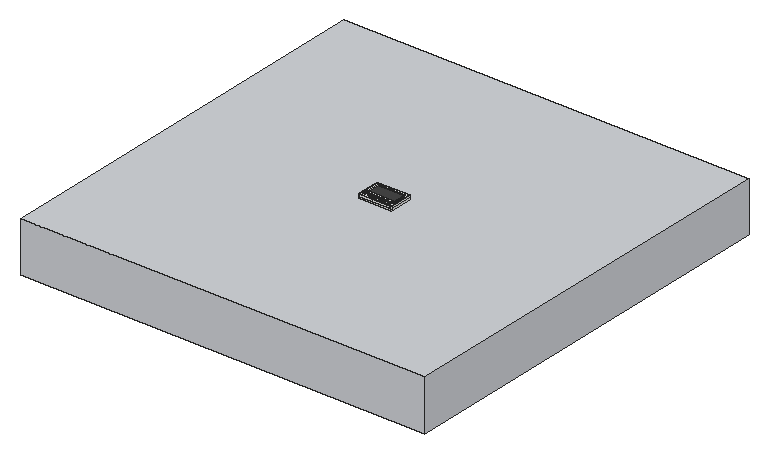
Revit family "BC_URMET_FC1719-1_LOD400", category Appareils de communication, Revit 2017
Family settings
  Hôte = Face
  Conserver l'orientation des annotations = Non
  Cote de connecteur circulaire = Utiliser le diamètre
  Type d'élément = Normal
  Numéro OmniClass = 23.85.50.14.21
  Titre OmniClass = Intercommunication Equipment
  Couper avec des vides une fois chargée = Non
  Partagée = Non
  Point de calcul de pièce = Non
Parameters (values of type "FC1719_1")
  Voyant coupure de sonnerie = yes
  Taille de l'écran  = "7\""
  Réglage du volume = yes
  Ouverture porte = yes
  Model = "FC1719_1"
  Longueur Hors Tout = 202 mm
  Largeur Hors Tout = 142 mm
  Fabricant = "URMET"
  Epaisseur Hors Tout = 23 mm
  Default Elevation = 1219.2 mm
  Description = "Ce moniteur vidéo couleur 7“” est conçu pour fonctionner avec le système d’interphonie bus 2 fils 2VOICE. Son utilisation est très agréable grâce à ces 4 touches affleurantes (muni d’un guide pour les malvoyants) et une touche mécanique centrale pour la prise de la communication. La fonction renvoi d’appel vers un smartphone est compatible avec l’ajout du module Callme 1083/58. De plus, il intègre 2 télécommandes domotiques YOKIS pour un contrôle d’éclairage, volet roulant ou autre (intégrable dans YNO pour une gestion de scénario complets). La fonction Mute peut également être utilisée en mode chronométré (désactivation automatiquement après 8 heures)."
  Type Comments = "FC1719_1"
  Code EAN = "8021156064120"
Reference planes
  plane 1 "Centre (avant/arrière)": y = 0
  plane 2: z = 0
  plane 3 "Centre (gauche/droite)": x = 0
  plane 4: y = 71
  plane 5: y = -71
  plane 6: x = -101
  plane 7: x = 101
  plane 8 "logo_bas": z = 22.1
  plane 9 "logo_haut": z = 23.1
Forms (mm)
  Extrusion 1, solid
    sketch origin (0, 0, 0) x (1, 0, 0) y (0, 1, 0)
      loop
        line (-1219.2, 1219.2) -> (-1219.2, -1219.2) -> (1219.2, -1219.2) -> (1219.2, 1219.2) -> (-1219.2, 1219.2)
    from 0 to -304.8
  Extrusion 2, solid, material "Facade"
    sketch origin (0, 0, 0) x (1, 0, 0) y (0, 1, 0)
      loop
        arc (-97, 67.5) -> (-97.354, 67.354) -> (-97.5, 67) r 0.5
        line (-97.5, 67) -> (-97.5, -37.5) -> (97.5, -37.5) -> (97.5, 67)
        arc (97.5, 67) -> (97.354, 67.354) -> (97, 67.5) r 0.5
        line (97, 67.5) -> (-97, 67.5)
      loop
        line (-80.571, -22.571) -> (80.571, -22.571) -> (80.571, 52.571) -> (-80.571, 52.571) -> (-80.571, -22.571)
    from 0 to 23
  Extrusion 3, solid, material "Plastique Blanc"
    sketch origin (0, 0, 0) x (1, 0, 0) y (0, 1, 0)
      loop
        arc (97, -67.5) -> (97.354, -67.354) -> (97.5, -67) r 0.5
        line (97.5, -67) -> (97.5, -38) -> (-97.5, -38) -> (-97.5, -67)
        arc (-97.5, -67) -> (-97.354, -67.354) -> (-97, -67.5) r 0.5
        line (-97, -67.5) -> (97, -67.5)
      loop
        arc (-81.904, -51.356) -> (-84.967, -54.42) -> (-81.904, -57.484) r 3.064
        line (-81.904, -57.484) -> (-57.481, -57.484)
        arc (-57.481, -57.484) -> (-54.417, -54.42) -> (-57.481, -51.356) r 3.064
        line (-57.481, -51.356) -> (-81.904, -51.356)
      loop
        arc (57.584, -51.356) -> (54.52, -54.42) -> (57.584, -57.484) r 3.064
        line (57.584, -57.484) -> (82.007, -57.484)
        arc (82.007, -57.484) -> (85.071, -54.42) -> (82.007, -51.356) r 3.064
        line (82.007, -51.356) -> (57.584, -51.356)
    from 0 to 23
  Sweep 4, solid, material "Plastique Blanc"
    path origin (0, 0, 0) x (1, 0, 0) y (0, 1, 0)
      loop
        arc (-97, 71) -> (-99.828, 69.828) -> (-101, 67) r 4
        line (-101, 67) -> (-101, -67)
        arc (-101, -67) -> (-99.828, -69.828) -> (-97, -71) r 4
        line (-97, -71) -> (97, -71)
        arc (97, -71) -> (99.828, -69.828) -> (101, -67) r 4
        line (101, -67) -> (101, 67)
        arc (101, 67) -> (99.828, 69.828) -> (97, 71) r 4
        line (97, 71) -> (-97, 71)
    profile origin (0, 71, 0) x (0, 1, 0) y (0, 0, 1)
      loop
        line (-3.5, 22) -> (-3.5, 0) -> (-0.559, 0) -> (0, 8) -> (0, 21.161) -> (-0.839, 22) -> (-3.5, 22)
  Extrusion 5, solid, material "Ecran"
    sketch origin (0, 0, 0) x (1, 0, 0) y (0, 1, 0)
      loop
        line (-80.571, 52.571) -> (-80.571, -22.571) -> (80.571, -22.571) -> (80.571, 52.571) -> (-80.571, 52.571)
    from 0 to 22
  Extrusion 6, solid, material "Plastique Noir"
    sketch origin (0, 0, 22.1) x (-1, 0, 0) y (0, -1, 0)
      loop
        line (7.99, -61.432) -> (7.99, -57.913)
        arc (7.99, -57.913) -> (6.766, -56.689) -> (5.541, -57.913) r 1.224
        line (5.541, -57.913) -> (5.541, -61.432) -> (6.516, -61.432) -> (6.516, -57.905)
        arc (6.516, -57.905) -> (6.766, -57.655) -> (7.016, -57.905) r 0.25
        line (7.016, -57.905) -> (7.016, -61.432) -> (7.99, -61.432)
      loop
        line (3.336, -59.417) -> (2.388, -59.417) -> (2.388, -60.729)
        arc (2.388, -60.729) -> (2.556, -61.185) -> (2.979, -61.423) r 0.702
        arc (2.979, -61.423) -> (3.449, -61.377) -> (3.836, -61.106) r 0.931
        line (3.836, -61.106) -> (3.836, -60.217)
        arc (3.836, -60.217) -> (3.586, -60.467) -> (3.336, -60.217) r 0.25
        line (3.336, -60.217) -> (3.336, -59.417)
      loop
        line (-0.947, -56.732) -> (-1.895, -56.732) -> (-1.895, -60.729)
        arc (-1.895, -60.729) -> (-1.727, -61.185) -> (-1.304, -61.423) r 0.702
        arc (-1.304, -61.423) -> (-0.882, -61.369) -> (-0.556, -61.096) r 0.755
        line (-0.556, -61.096) -> (0.934, -60.442) -> (0.934, -61.432) -> (1.915, -61.432) -> (1.915, -56.732) -> (0.967, -56.732) -> (0.967, -60.217)
        arc (0.967, -60.217) -> (0.717, -60.467) -> (0.467, -60.217) r 0.25
        line (0.467, -60.217) -> (0.467, -56.732) -> (-0.447, -56.732) -> (-0.447, -60.217)
        arc (-0.447, -60.217) -> (-0.697, -60.467) -> (-0.947, -60.217) r 0.25
        line (-0.947, -60.217) -> (-0.947, -56.732)
      loop
        line (-5.541, -63.382) -> (-5.541, -62.582) -> (7.99, -62.582) -> (7.99, -61.782) -> (-5.541, -61.782) -> (-5.541, -57.913)
        arc (-5.541, -57.913) -> (-6.766, -56.689) -> (-7.99, -57.913) r 1.224
        line (-7.99, -57.913) -> (-7.99, -58.705) -> (-7.016, -58.705) -> (-7.016, -57.905)
        arc (-7.016, -57.905) -> (-6.766, -57.655) -> (-6.516, -57.905) r 0.25
        line (-6.516, -57.905) -> (-6.516, -61.782) -> (-7.99, -61.782) -> (-7.99, -62.582) -> (-6.516, -62.582) -> (-6.516, -63.382) -> (-5.541, -63.382)
      loop
        arc (-3.923, -57.905) -> (-3.673, -57.655) -> (-3.423, -57.905) r 0.25
        line (-3.423, -57.905) -> (-3.423, -58.898) -> (-4.399, -58.898)
        arc (-4.399, -58.898) -> (-4.752, -59.044) -> (-4.899, -59.398) r 0.5
        line (-4.899, -59.398) -> (-4.899, -60.207)
        arc (-4.899, -60.207) -> (-3.674, -61.432) -> (-2.449, -60.207) r 1.225
        line (-2.449, -60.207) -> (-2.449, -57.913)
        arc (-2.449, -57.913) -> (-3.673, -56.689) -> (-4.897, -57.913) r 1.224
        line (-4.897, -57.913) -> (-4.897, -58.705) -> (-3.923, -58.705) -> (-3.923, -57.905)
      loop
        arc (-3.423, -59.638) -> (-3.673, -59.388) -> (-3.923, -59.638) r 0.25
        line (-3.923, -59.638) -> (-3.923, -60.447)
        arc (-3.923, -60.447) -> (-3.673, -60.697) -> (-3.423, -60.447) r 0.25
        line (-3.423, -60.447) -> (-3.423, -59.638)
    from 0 to 1
  Extrusion 7, solid, material "Plastique Noir"
    sketch origin (-118.126, -167.37, 22.1) x (-1, 0, 0) y (0, -1, 0)
      loop
        arc (-118.682, -228.466) -> (-117.925, -228.801) -> (-117.193, -228.414) r 0.949
        line (-117.193, -228.414) -> (-116.615, -227.558) -> (-118.682, -228.466)
      loop
        line (-114.29, -228.802) -> (-113.295, -228.802) -> (-113.295, -224.059) -> (-114.29, -224.059) -> (-114.29, -228.802)
    from 0 to 1
  Extrusion 8, solid, material "Facade"
    sketch origin (0, 0, 22.1) x (-1, 0, 0) y (0, -1, 0)
      loop
        line (-89.022, -33.597) -> (-85.436, -36.002) -> (-85.436, -32.372) -> (-92.636, -32.372) -> (-92.636, -35.99) -> (-89.022, -33.597)
      loop
        line (-93.057, -36.61) -> (-85.013, -36.61) -> (-85.013, -31.95) -> (-93.057, -31.95) -> (-93.057, -36.61)
      loop
        line (-85.919, -36.187) -> (-89.018, -34.101) -> (-92.168, -36.187) -> (-85.919, -36.187)
      loop
        line (-89.265, -23.899) -> (-85.491, -20.125) -> (-85.491, -17.017) -> (-93.038, -17.017) -> (-93.038, -20.125) -> (-89.265, -23.899)
      loop
        line (-85.891, -17.417) -> (-92.638, -17.417) -> (-92.638, -19.96) -> (-89.265, -23.333) -> (-85.891, -19.96) -> (-85.891, -17.417)
    from 0 to 1
  Extrusion 9, solid, material "Facade"
    sketch origin (0, 0, 22.1) x (-1, 0, 0) y (0, -1, 0)
      loop
        circle (-87.185, 4.399) r 1
      loop
        circle (-89.035, 6.289) r 5.7
      loop
        circle (-87.185, 8.171) r 1
      loop
        circle (-90.885, 4.399) r 1
      loop
        circle (-89.035, 23.051) r 5.7
      loop
        circle (-89.035, 24.942) r 1
      loop
        circle (-89.035, 21.169) r 1
    from 0 to 1
  Sweep 10, solid, material "Plastique Blanc"
    path origin (0, -0.561, 22.1) x (-1, 0, 0) y (0, -1, 0)
      loop
        arc (81.904, 50.796) -> (84.967, 53.859) -> (81.904, 56.923) r 3.064
        line (81.904, 56.923) -> (57.481, 56.923)
        arc (57.481, 56.923) -> (54.417, 53.859) -> (57.481, 50.796) r 3.064
        line (57.481, 50.796) -> (81.904, 50.796)
    profile origin (-69.692, -51.356, 22.1) x (0, 1, 0) y (0, 0, 1)
      loop
        line (0, 0.9) -> (-0.81, 0.9) -> (-1.489, 0) -> (-2.335, 0) -> (-2.335, -0.939) -> (0, -0.939) -> (0, 0.9)
  Extrusion 11, solid, material "Plastique Blanc"
    sketch origin (0, 0, 0) x (1, 0, 0) y (0, 1, 0)
      loop
        arc (-81.904, -53.692) -> (-82.632, -54.42) -> (-81.904, -55.148) r 0.728
        line (-81.904, -55.148) -> (-57.481, -55.148)
        arc (-57.481, -55.148) -> (-56.753, -54.42) -> (-57.481, -53.692) r 0.728
        line (-57.481, -53.692) -> (-81.904, -53.692)
    from 21.161 to 22.1
  Sweep 12, solid, material "Plastique Blanc"
    path origin (139.488, -0.561, 22.1) x (-1, 0, 0) y (0, -1, 0)
      loop
        arc (81.904, 50.796) -> (84.967, 53.859) -> (81.904, 56.923) r 3.064
        line (81.904, 56.923) -> (57.481, 56.923)
        arc (57.481, 56.923) -> (54.417, 53.859) -> (57.481, 50.796) r 3.064
        line (57.481, 50.796) -> (81.904, 50.796)
    profile origin (69.795, -51.356, 22.1) x (0, 1, 0) y (0, 0, 1)
      loop
        line (0, 0.9) -> (-0.81, 0.9) -> (-1.489, 0) -> (-2.335, 0) -> (-2.335, -0.939) -> (0, -0.939) -> (0, 0.9)
  Extrusion 13, solid, material "Plastique Blanc"
    sketch origin (139.488, 0, 0) x (1, 0, 0) y (0, 1, 0)
      loop
        arc (-81.904, -53.692) -> (-82.632, -54.42) -> (-81.904, -55.148) r 0.728
        line (-81.904, -55.148) -> (-57.481, -55.148)
        arc (-57.481, -55.148) -> (-56.753, -54.42) -> (-57.481, -53.692) r 0.728
        line (-57.481, -53.692) -> (-81.904, -53.692)
    from 21.161 to 22.1
  Extrusion 14, solid, material "Plastique Blanc"
    sketch origin (0, 0, 22.1) x (-1, 0, 0) y (0, -1, 0)
      loop
        circle (39.673, 54.683) r 5.7
      loop
        circle (39.701, 54.722) r 1
      loop
        circle (19.673, 54.683) r 5.7
      loop
        circle (-0.015, 54.683) r 5.7
      loop
        circle (-20.327, 54.683) r 5.7
      loop
        circle (-40.327, 54.683) r 5.7
    from 0 to 1
  Extrusion 15, solid, material "Plastique Noir"
    sketch origin (0, 0, 22.1) x (-1, 0, 0) y (0, -1, 0)
      loop
        line (90.191, 30.301) -> (92.494, 32.604) -> (92.494, 33.975) -> (91.235, 33.975) -> (88.876, 31.615) -> (90.191, 30.301)
      loop
        arc (84.239, 24.349) -> (83.537, 25.104) -> (83.384, 26.123) r 1.744
        line (83.384, 26.123) -> (81.6, 24.339) -> (81.6, 23.185) -> (83.075, 23.185) -> (84.239, 24.349)
    from 0 to 1
Cuts and joins
  joined: Extrusion 3, Sweep 10, Extrusion 11, Sweep 12, Extrusion 13
Lines and regions (mm)
  model lines
    curve 1: line (-20.967, -56.183, 23.1) -> (-21.996, -56.183, 23.1)
    curve 2: line (-21.996, -56.183, 23.1) -> (-21.996, -55.265, 23.1)
    curve 3: line (-20.967, -54.831, 23.1) -> (-20.967, -53.133, 23.1)
    curve 4: arc (-21.996, -55.265, 23.1) -> (-21.52, -54.956, 23.1) -> (-20.967, -54.831, 23.1) r 1.612
    curve 5: arc (-20.967, -53.133, 23.1) -> (-20.24, -52.133, 23.1) -> (-19.065, -52.515, 23.1) r 1.051
    curve 6: line (-18.056, -51.782, 23.1) -> (-20.78, -57.624, 23.1)
    curve 7: line (-18.31, -53.554, 23.1) -> (-18.31, -54.589, 23.1)
    curve 8: line (-17.182, -56.064, 23.1) -> (-17.182, -55.233, 23.1)
    curve 9: line (-17.182, -56.064, 23.1) -> (-18.881, -56.064, 23.1)
    curve 10: line (-18.881, -56.064, 23.1) -> (-18.122, -57.148, 23.1)
    curve 11: arc (-17.182, -55.233, 23.1) -> (-17.657, -54.755, 23.1) -> (-18.31, -54.589, 23.1) r 1.262
    curve 12: line (2.471, -51.872, 23.1) -> (1.529, -51.872, 23.1)
    curve 13: line (1.008, -51.178, 23.1) -> (-0.1, -53.667, 23.1)
    curve 14: line (-0.1, -53.667, 23.1) -> (0.909, -53.667, 23.1)
    curve 15: line (0.909, -53.667, 23.1) -> (0.909, -54.76, 23.1)
    curve 16: line (0.909, -56.223, 23.1) -> (0.909, -57.215, 23.1)
    curve 17: line (0.909, -57.215, 23.1) -> (2.322, -57.215, 23.1)
    curve 18: arc (0.909, -56.223, 23.1) -> (1.641, -55.492, 23.1) -> (0.909, -54.76, 23.1) r 0.731
    curve 19: arc (-0.096, -54.753, 23.1) -> (-0.845, -55.502, 23.1) -> (-0.096, -56.251, 23.1) r 0.749
    curve 20: arc (-0.98, -53.847, 23.1) -> (-1.875, -55.475, 23.1) -> (-0.98, -57.103, 23.1) r 1.927
    curve 21: arc (-1.627, -53.06, 23.1) -> (-2.987, -55.403, 23.1) -> (-1.794, -57.835, 23.1) r 2.872
    curve 22: line (19.636, -53.422, 23.1) -> (19.636, -56.094, 23.1)
    curve 23: line (20.226, -52.979, 23.1) -> (20.226, -56.307, 23.1)
    curve 24: line (20.832, -52.635, 23.1) -> (20.832, -56.651, 23.1)
    curve 25: line (19.636, -54.758, 23.1) -> (20.832, -54.758, 23.1)
    curve 26: line (23.169, -53.422, 23.1) -> (23.169, -56.094, 23.1)
    curve 27: line (22.579, -52.979, 23.1) -> (22.579, -56.307, 23.1)
    curve 28: line (21.972, -52.635, 23.1) -> (21.972, -56.651, 23.1)
    curve 29: line (23.169, -54.758, 23.1) -> (21.972, -54.758, 23.1)
    curve 30: arc (17.701, -53.635, 23.1) -> (18.399, -52.632, 23.1) -> (18.298, -53.849, 23.1) r 0.633
    curve 31: line (18.298, -53.849, 23.1) -> (18.298, -56.307, 23.1)
    curve 32: line (18.298, -56.006, 23.1) -> (17.48, -56.006, 23.1)
    curve 33: line (18.298, -55.378, 23.1) -> (17.48, -55.378, 23.1)
    curve 34: arc (38.689, -55.427, 23.1) -> (37.244, -53.91, 23.1) -> (39.164, -54.749, 23.1) r 1.069
    curve 35: line (39.164, -54.749, 23.1) -> (43.067, -54.749, 23.1)
    curve 36: line (41.591, -54.749, 23.1) -> (41.591, -55.595, 23.1)
    curve 37: line (42.493, -54.749, 23.1) -> (42.493, -55.595, 23.1)
    curve 38: arc (-90.214, -26.66, 23.1) -> (-87.694, -24.037, 23.1) -> (-84.414, -25.611, 23.1) r 3.102
    curve 39: line (-84.541, -28.217, 23.1) -> (-87.4, -32.455, 23.1)
    curve 40: arc (-87.4, -32.455, 23.1) -> (-88.139, -32.808, 23.1) -> (-88.805, -32.332, 23.1) r 0.807
    curve 41: arc (-84.414, -25.611, 23.1) -> (-84.114, -26.932, 23.1) -> (-84.541, -28.217, 23.1) r 2.516
    curve 42: arc (-89.138, -26.669, 23.1) -> (-86.715, -25.184, 23.1) -> (-85.272, -27.632, 23.1) r 1.992
    curve 43: line (-83.698, -31.724, 23.1) -> (-82.166, -31.724, 23.1)
    curve 44: line (-82.932, -31.724, 23.1) -> (-82.932, -33.566, 23.1)
Dimensions and locks
  equal spacing: plane 4, plane 1 "Centre (avant/arrière)", plane 5
  "Largeur Hors Tout": plane 4 to plane 5
  equal spacing: plane 6, plane 3 "Centre (gauche/droite)", plane 7
  "Longueur Hors Tout": plane 6 to plane 7
  plane 8 "logo_bas" to plane 2 = 22.1 mm
  aligned and locked: plane 2 to Extrusion 1
  aligned and locked: level to Extrusion 1
Automatic sketch dimensions
  Extrusion 1 sketch curve to Extrusion 1 sketch curve = 2438.4 mm  (x2)
  plane 6 to Extrusion 2 sketch curve = 3.5 mm
  Extrusion 2 sketch curve to Extrusion 2 sketch curve = 0.5 mm  (x2)
  plane 6 to Extrusion 2 sketch curve = 20.429 mm
  Extrusion 2 sketch curve to plane 7 = 20.429 mm
  Extrusion 2 sketch curve to plane 7 = 4 mm
  plane 5 to Extrusion 2 sketch curve = 33.5 mm
  plane 1 "Centre (avant/arrière)" to Extrusion 2 sketch curve = 22.571 mm
  Extrusion 2 sketch curve to plane 4 = 18.429 mm
  Extrusion 2 sketch curve to plane 4 = 4 mm
  plane 6 to Extrusion 3 sketch curve = 3.5 mm
  Extrusion 3 sketch curve to Extrusion 3 sketch curve = 0.5 mm  (x2)
  plane 6 to Extrusion 3 sketch curve = 19.096 mm
  Extrusion 3 sketch curve to Extrusion 3 sketch curve = 24.423 mm
  plane 5 to Extrusion 3 sketch curve = 13.516 mm  (x2)
  Extrusion 3 sketch curve to plane 7 = 43.416 mm
  Extrusion 3 sketch curve to plane 7 = 18.993 mm
  Extrusion 3 sketch curve to plane 7 = 4 mm
  plane 5 to Extrusion 3 sketch curve = 4 mm
  Extrusion 3 sketch curve to Extrusion 3 sketch curve = 3.064 mm  (x2)
  Extrusion 3 sketch curve to Extrusion 3 sketch curve = 13.356 mm
  Sweep 4 sketch curve to plane 6 = 0 mm
  Sweep 4 sketch curve to plane 4 = 0 mm
  Sweep 4 sketch curve to plane 5 = 0 mm
  Sweep 4 sketch curve to plane 7 = 0 mm
  plane 6 to Sweep 4 sketch curve = 4 mm  (x2)
  Sweep 4 sketch curve to plane 7 = 4 mm
  Sweep 4 sketch curve to Sweep 4 sketch curve = 4 mm
  Sweep 4 sketch curve to level = 0 mm
  Sweep 4 sketch curve to profile plane = 0 mm
  profile plane to Sweep 4 sketch curve = 0.559 mm
  profile plane to Sweep 4 sketch curve = 0.839 mm
  Sweep 4 sketch curve to Sweep 4 sketch curve = 2.661 mm
  level to Sweep 4 sketch curve = 8 mm
  Sweep 4 sketch curve to Sweep 4 sketch curve = 13.161 mm
  Sweep 4 sketch curve to Sweep 4 sketch curve = 0.839 mm
  plane 6 to Extrusion 5 sketch curve = 20.429 mm
  Extrusion 5 sketch curve to plane 7 = 20.429 mm
  plane 1 "Centre (avant/arrière)" to Extrusion 5 sketch curve = 22.571 mm
  Extrusion 5 sketch curve to plane 4 = 18.429 mm
  plane 3 "Centre (gauche/droite)" to Extrusion 6 sketch curve = 7.99 mm
  Extrusion 6 sketch curve to Extrusion 6 sketch curve = 0 mm  (x10)
  Extrusion 6 sketch curve to Extrusion 6 sketch curve = 0.974 mm  (x3)
  Extrusion 6 sketch curve to Extrusion 6 sketch curve = 0.25 mm  (x5)
  Extrusion 6 sketch curve to Extrusion 6 sketch curve = 0.643 mm
  Extrusion 6 sketch curve to Extrusion 6 sketch curve = 0.001 mm  (x2)
  Extrusion 6 sketch curve to Extrusion 6 sketch curve = 0.5 mm
  Extrusion 6 sketch curve to Extrusion 6 sketch curve = 0.975 mm
  Extrusion 6 sketch curve to Extrusion 6 sketch curve = 0.475 mm
  Extrusion 6 sketch curve to Extrusion 6 sketch curve = 0.249 mm
  Extrusion 6 sketch curve to Extrusion 6 sketch curve = 0.553 mm
  Extrusion 6 sketch curve to Extrusion 6 sketch curve = 0.702 mm  (x2)
  Extrusion 6 sketch curve to Extrusion 6 sketch curve = 0.008 mm
  Extrusion 6 sketch curve to Extrusion 6 sketch curve = 0.238 mm
  plane 3 "Centre (gauche/droite)" to Extrusion 6 sketch curve = 0.556 mm
  Extrusion 6 sketch curve to plane 3 "Centre (gauche/droite)" = 0.467 mm
  Extrusion 6 sketch curve to plane 3 "Centre (gauche/droite)" = 0.934 mm
  Extrusion 6 sketch curve to Extrusion 6 sketch curve = 0.982 mm
  Extrusion 6 sketch curve to Extrusion 6 sketch curve = 1.421 mm
  Extrusion 6 sketch curve to Extrusion 6 sketch curve = 0.036 mm
  Extrusion 6 sketch curve to Extrusion 6 sketch curve = 0.21 mm
  Extrusion 6 sketch curve to Extrusion 6 sketch curve = 1.705 mm
  Extrusion 6 sketch curve to plane 4 = 7.618 mm
  Extrusion 6 sketch curve to Extrusion 6 sketch curve = 0.8 mm  (x5)
  Extrusion 6 sketch curve to Extrusion 6 sketch curve = 0.35 mm
  Extrusion 6 sketch curve to Extrusion 6 sketch curve = 0.326 mm
  Extrusion 6 sketch curve to Extrusion 6 sketch curve = 0.336 mm
  Extrusion 6 sketch curve to Extrusion 6 sketch curve = 0.367 mm
  Extrusion 6 sketch curve to Extrusion 6 sketch curve = 0.376 mm
  Extrusion 6 sketch curve to Extrusion 6 sketch curve = 0.052 mm
  Extrusion 6 sketch curve to Extrusion 6 sketch curve = 0.226 mm
  Extrusion 6 sketch curve to Extrusion 6 sketch curve = 0.282 mm
  Extrusion 6 sketch curve to Extrusion 6 sketch curve = 0.99 mm
  Extrusion 6 sketch curve to Extrusion 6 sketch curve = 0.287 mm
  Extrusion 6 sketch curve to Extrusion 6 sketch curve = 0.225 mm
  Extrusion 6 sketch curve to Extrusion 6 sketch curve = 0.461 mm
  Extrusion 6 sketch curve to Extrusion 6 sketch curve = 0.24 mm
  Extrusion 6 sketch curve to Extrusion 6 sketch curve = 0.569 mm
  Extrusion 6 sketch curve to Extrusion 6 sketch curve = 0.809 mm
  Extrusion 6 sketch curve to Extrusion 6 sketch curve = 0.193 mm
  Extrusion 6 sketch curve to Extrusion 6 sketch curve = 3.077 mm
  Extrusion 6 sketch curve to Extrusion 6 sketch curve = 3.519 mm
  Extrusion 6 sketch curve to Extrusion 6 sketch curve = 0.985 mm
  Extrusion 6 sketch curve to Extrusion 6 sketch curve = 0.791 mm
  Extrusion 6 sketch curve to Extrusion 6 sketch curve = 0.009 mm  (x3)
  Extrusion 6 sketch curve to Extrusion 6 sketch curve = 2.684 mm
  plane 3 "Centre (gauche/droite)" to Extrusion 7 sketch curve = 0.556 mm
  Extrusion 7 sketch curve to plane 3 "Centre (gauche/droite)" = 0.168 mm
  Extrusion 7 sketch curve to plane 3 "Centre (gauche/droite)" = 0.934 mm
  Extrusion 7 sketch curve to Extrusion 7 sketch curve = 0.578 mm
  Extrusion 7 sketch curve to Extrusion 7 sketch curve = 2.325 mm
  Extrusion 7 sketch curve to Extrusion 7 sketch curve = 0.995 mm
  Extrusion 7 sketch curve to plane 4 = 9.568 mm
  Extrusion 7 sketch curve to Extrusion 7 sketch curve = 0.336 mm
  Extrusion 7 sketch curve to Extrusion 7 sketch curve = 0.052 mm
  Extrusion 7 sketch curve to Extrusion 7 sketch curve = 0.856 mm
  Extrusion 7 sketch curve to Extrusion 7 sketch curve = 3.499 mm
  Extrusion 8 sketch curve to plane 7 = 7.943 mm
  Extrusion 8 sketch curve to plane 7 = 7.962 mm
  Extrusion 8 sketch curve to Extrusion 8 sketch curve = 0.4 mm  (x3)
  Extrusion 8 sketch curve to Extrusion 8 sketch curve = 0.422 mm  (x3)
  Extrusion 8 sketch curve to Extrusion 8 sketch curve = 0.468 mm
  Extrusion 8 sketch curve to Extrusion 8 sketch curve = 3.373 mm  (x2)
  Extrusion 8 sketch curve to Extrusion 8 sketch curve = 0 mm
  Extrusion 8 sketch curve to Extrusion 8 sketch curve = 3.613 mm
  Extrusion 8 sketch curve to Extrusion 8 sketch curve = 0.005 mm
  Extrusion 8 sketch curve to Extrusion 8 sketch curve = 3.099 mm
  Extrusion 8 sketch curve to Extrusion 8 sketch curve = 3.586 mm
  Extrusion 8 sketch curve to plane 4 = 34.39 mm
  Extrusion 8 sketch curve to Extrusion 8 sketch curve = 0.423 mm
  Extrusion 8 sketch curve to Extrusion 8 sketch curve = 0.185 mm
  Extrusion 8 sketch curve to Extrusion 8 sketch curve = 0.197 mm
  Extrusion 8 sketch curve to Extrusion 8 sketch curve = 2.087 mm
  Extrusion 8 sketch curve to Extrusion 8 sketch curve = 0.504 mm
  Extrusion 8 sketch curve to Extrusion 8 sketch curve = 3.618 mm
  Extrusion 8 sketch curve to Extrusion 8 sketch curve = 8.051 mm
  Extrusion 8 sketch curve to Extrusion 8 sketch curve = 0.566 mm
  Extrusion 8 sketch curve to Extrusion 8 sketch curve = 3.208 mm
  Extrusion 8 sketch curve to Extrusion 8 sketch curve = 0.166 mm
  Extrusion 8 sketch curve to Extrusion 8 sketch curve = 2.542 mm
  plane 1 "Centre (avant/arrière)" to Extrusion 9 sketch curve = 4.399 mm
  Extrusion 9 sketch curve to plane 7 = 10.115 mm
  Extrusion 9 sketch curve to plane 7 = 11.965 mm
  Extrusion 9 sketch curve to Extrusion 9 sketch curve = 1.85 mm  (x3)
  Extrusion 9 sketch curve to Extrusion 9 sketch curve = 0 mm  (x3)
  Extrusion 9 sketch curve to Extrusion 9 sketch curve = 1.891 mm  (x2)
  Extrusion 9 sketch curve to Extrusion 9 sketch curve = 1.882 mm  (x2)
  Extrusion 9 sketch curve to Extrusion 9 sketch curve = 12.997 mm
  plane 5 to Sweep 10 sketch curve = 19.644 mm
  plane 6 to Sweep 10 sketch curve = 43.519 mm
  plane 6 to Sweep 10 sketch curve = 19.096 mm
  Sweep 10 sketch curve to Sweep 10 sketch curve = 3.064 mm
  Sweep 10 sketch curve to plane 8 "logo_bas" = 0 mm
  Sweep 10 sketch curve to profile plane = 0 mm
  profile plane to Sweep 10 sketch curve = 0.81 mm
  Sweep 10 sketch curve to Sweep 10 sketch curve = 0.678 mm
  Sweep 10 sketch curve to Sweep 10 sketch curve = 0.847 mm
  Sweep 10 sketch curve to Sweep 10 sketch curve = 0.939 mm
  plane 8 "logo_bas" to Sweep 10 sketch curve = 0.9 mm
  plane 6 to Extrusion 11 sketch curve = 19.096 mm
  Extrusion 11 sketch curve to Extrusion 11 sketch curve = 24.423 mm
  plane 5 to Extrusion 11 sketch curve = 15.852 mm
  Extrusion 11 sketch curve to Extrusion 11 sketch curve = 0.728 mm
  Sweep 12 sketch curve to plane 7 = 18.993 mm
  Sweep 12 sketch curve to Sweep 12 sketch curve = 24.423 mm
  plane 5 to Sweep 12 sketch curve = 19.644 mm
  Sweep 12 sketch curve to Sweep 12 sketch curve = 3.064 mm
  Sweep 12 sketch curve to plane 8 "logo_bas" = 0 mm
  Sweep 12 sketch curve to profile plane = 0 mm
  profile plane to Sweep 12 sketch curve = 0.81 mm
  Sweep 12 sketch curve to Sweep 12 sketch curve = 0.678 mm
  Sweep 12 sketch curve to Sweep 12 sketch curve = 0.847 mm
  Sweep 12 sketch curve to plane 8 "logo_bas" = 0.939 mm
  plane 8 "logo_bas" to Sweep 12 sketch curve = 0.9 mm
  plane 5 to Extrusion 13 sketch curve = 17.308 mm
  Extrusion 13 sketch curve to plane 7 = 43.416 mm
  Extrusion 13 sketch curve to plane 7 = 18.993 mm
  Extrusion 13 sketch curve to Extrusion 13 sketch curve = 0.728 mm
  Extrusion 14 sketch curve to Extrusion 14 sketch curve = 0 mm  (x15)
  plane 5 to Extrusion 14 sketch curve = 16.317 mm  (x2)
  plane 3 "Centre (gauche/droite)" to Extrusion 14 sketch curve = 40.327 mm
  Extrusion 14 sketch curve to Extrusion 14 sketch curve = 20 mm  (x2)
  plane 3 "Centre (gauche/droite)" to Extrusion 14 sketch curve = 0.015 mm
  Extrusion 14 sketch curve to plane 3 "Centre (gauche/droite)" = 19.673 mm
  Extrusion 14 sketch curve to Extrusion 14 sketch curve = 0.029 mm
  Extrusion 14 sketch curve to Extrusion 14 sketch curve = 0.039 mm
  Extrusion 14 sketch curve to Extrusion 14 sketch curve = 5.7 mm  (x5)
  Extrusion 14 sketch curve to Extrusion 14 sketch curve = 0.971 mm
  plane 5 to curve 35 = 16.251 mm
  plane 3 "Centre (gauche/droite)" to curve 35 = 39.164 mm
  curve 34 to curve 34 = 1.045 mm
  plane 3 "Centre (gauche/droite)" to curve 31 = 18.298 mm
  curve 31 to curve 30 = 0.113 mm
  plane 3 "Centre (gauche/droite)" to curve 18 = 0.909 mm
  plane 3 "Centre (gauche/droite)" to curve 20 = 0.052 mm
  curve 19 to plane 3 "Centre (gauche/droite)" = 0.096 mm
  curve 14 to plane 3 "Centre (gauche/droite)" = 0.1 mm
  curve 19 to curve 21 = 0.021 mm
  curve 21 to curve 8 = 17.065 mm
  curve 8 to curve 11 = 1.101 mm
  curve 11 to curve 7 = 0.027 mm
  curve 11 to curve 9 = 0.597 mm
  curve 7 to curve 5 = 1.605 mm
  curve 9 to curve 4 = 2.013 mm
  curve 5 to curve 3 = 1.051 mm
  curve 4 to curve 2 = 1.029 mm
  plane 6 to curve 39 = 16.459 mm
  curve 39 to curve 41 = 2.086 mm
  curve 41 to curve 38 = 0.516 mm
  curve 38 to curve 42 = 0.055 mm
  curve 41 to curve 39 = 2.859 mm
  curve 39 to curve 40 = 0.669 mm
  plane 5 to curve 7 = 16.411 mm
  curve 34 to curve 34 = 0.226 mm
  plane 5 to curve 31 = 17.151 mm
  plane 5 to curve 14 = 17.333 mm
  curve 30 to curve 31 = 0.622 mm
  curve 3 to curve 7 = 1.455 mm
  plane 1 "Centre (avant/arrière)" to curve 39 = 32.455 mm
  curve 40 to curve 39 = 0.451 mm
  curve 39 to curve 39 = 4.239 mm
  curve 42 to curve 39 = 1.099 mm
  curve 38 to curve 42 = 0.028 mm
  curve 41 to curve 38 = 0.279 mm
  curve 14 to curve 15 = 1.093 mm
  curve 5 to curve 3 = 1.698 mm
  curve 11 to curve 8 = 0.645 mm
  curve 4 to curve 2 = 0.434 mm
  curve 15 to curve 20 = 0.715 mm
  curve 15 to curve 18 = 0.731 mm
  curve 20 to curve 19 = 0.027 mm
  curve 19 to curve 21 = 0.001 mm
  curve 11 to curve 9 = 0.831 mm
  curve 2 to curve 1 = 0.917 mm
  curve 16 to curve 16 = 0.992 mm
  curve 36 to curve 35 = 2.427 mm
  curve 37 to curve 36 = 0.902 mm
  curve 35 to curve 37 = 0.574 mm
  curve 34 to curve 34 = 0.475 mm
  curve 29 to curve 33 = 4.871 mm
  curve 26 to curve 27 = 0.59 mm
  curve 27 to curve 28 = 0.607 mm
  curve 28 to curve 24 = 1.14 mm
  curve 24 to curve 23 = 0.607 mm
  curve 25 to curve 25 = 1.197 mm
  curve 30 to curve 30 = 0.484 mm
  curve 32 to curve 32 = 0.818 mm
  curve 33 to curve 32 = 0 mm
  curve 12 to curve 14 = 1.562 mm
  curve 17 to curve 16 = 1.413 mm
  curve 12 to curve 12 = 0.942 mm
  curve 12 to curve 13 = 0.521 mm
  curve 20 to plane 3 "Centre (gauche/droite)" = 0.98 mm
  curve 13 to curve 20 = 0.88 mm
  curve 20 to curve 21 = 0.647 mm
  curve 20 to curve 21 = 0.814 mm
  curve 6 to curve 7 = 0.255 mm
  curve 10 to curve 11 = 0.162 mm
  curve 5 to curve 5 = 0.85 mm
  curve 6 to curve 4 = 0.114 mm
  curve 4 to curve 1 = 0.073 mm
  curve 43 to curve 41 = 2.375 mm
  curve 43 to curve 44 = 0.766 mm
  curve 44 to curve 43 = 0.766 mm
  curve 38 to curve 41 = 0 mm
  curve 39 to curve 42 = 0.732 mm
  curve 40 to curve 40 = 0.737 mm
  curve 42 to curve 42 = 1.941 mm
  curve 42 to curve 38 = 1.076 mm
  curve 13 to curve 20 = 0.18 mm
  curve 7 to curve 7 = 1.035 mm
  curve 26 to curve 30 = 0.428 mm
  curve 22 to curve 31 = 0.428 mm
  curve 21 to curve 20 = 0.787 mm
  curve 23 to curve 22 = 0.443 mm
  curve 27 to curve 26 = 0.443 mm
  curve 24 to curve 23 = 0.344 mm
  curve 28 to curve 27 = 0.344 mm
  curve 12 to curve 14 = 1.795 mm
  curve 6 to curve 5 = 0.733 mm
  curve 13 to curve 12 = 0.694 mm
  curve 40 to curve 44 = 1.111 mm
  curve 44 to curve 44 = 1.842 mm
  curve 42 to curve 39 = 0.584 mm
  curve 19 to curve 20 = 0.722 mm
  curve 26 to curve 29 = 1.336 mm
  curve 25 to curve 29 = 0 mm
  curve 25 to curve 33 = 0.62 mm
  curve 37 to curve 37 = 0.846 mm
  curve 36 to curve 36 = 0.846 mm
  curve 33 to curve 32 = 0.628 mm
  curve 25 to curve 22 = 1.336 mm
  curve 29 to curve 26 = 1.336 mm
  curve 32 to curve 31 = 0.301 mm
  curve 22 to curve 23 = 0.213 mm
  curve 26 to curve 27 = 0.213 mm
  curve 23 to curve 24 = 0.344 mm
  curve 27 to curve 28 = 0.344 mm
  curve 11 to curve 10 = 1.297 mm
  curve 4 to curve 6 = 1.183 mm
  plane 6 to Extrusion 15 sketch curve = 19.4 mm
  Extrusion 15 sketch curve to Extrusion 15 sketch curve = 1.476 mm
  Extrusion 15 sketch curve to Extrusion 15 sketch curve = 1.784 mm
  Extrusion 15 sketch curve to Extrusion 15 sketch curve = 1.164 mm  (x2)
  Extrusion 15 sketch curve to Extrusion 15 sketch curve = 0.868 mm
  Extrusion 15 sketch curve to Extrusion 15 sketch curve = 3.769 mm
  Extrusion 15 sketch curve to Extrusion 15 sketch curve = 1.315 mm  (x2)
  Extrusion 15 sketch curve to Extrusion 15 sketch curve = 2.359 mm
  Extrusion 15 sketch curve to Extrusion 15 sketch curve = 1.259 mm
  plane 1 "Centre (avant/arrière)" to Extrusion 15 sketch curve = 23.185 mm
  Extrusion 15 sketch curve to Extrusion 15 sketch curve = 1.154 mm
  Extrusion 15 sketch curve to Extrusion 15 sketch curve = 1.512 mm
  Extrusion 15 sketch curve to Extrusion 15 sketch curve = 4.44 mm
  radius of Extrusion 9 sketch curve = 1 mm  (x5)
  radius of Extrusion 9 sketch curve = 5.7 mm  (x2)
Connectors
  electrical at (0, -57.5, 0)
    settings: on cut or joined group of Extrusion 3, Sweep 10, Extrusion 11, Sweep 12, Extrusion 13, index 1, voltage 0 V, apparent load 0 VA, apparent load phase1 0 VA, apparent load phase2 0 VA, apparent load phase3 0 VA, power factor 1, load classification "Autre", number of poles 1, system type 14, power factor state 1, is connector primary yes, connector utility no, sub classification motor no, connector description ""
  electrical at (0, 0, 0)
    settings: on Sweep 4, index 2, voltage 0 V, apparent load 0 VA, apparent load phase1 0 VA, apparent load phase2 0 VA, apparent load phase3 0 VA, power factor 1, load classification "Autre", number of poles 1, system type 31, power factor state 1, is connector primary no, connector utility no, sub classification motor no, connector description ""
